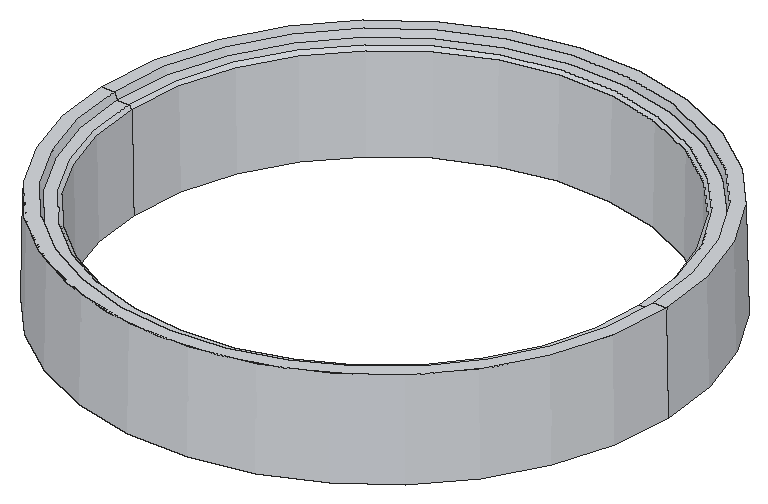
Revit family "Кольцо 1500х310 с замком КС 15.3", category Обобщенные модели, Revit 2023
Family settings
  Может служить основой для арматурных стержней = Нет
  Размер круглого соединителя = Использовать диаметр
  Тип детали = Нормальный
  На основе рабочей плоскости = Нет
  Всегда вертикально = Да
  При загрузке вырезать с полостями = Нет
  Сохранять ориентацию аннотаций = Нет
  Общий = Нет
  Точка принадлежности помещению = Нет
Parameters (values of type "Кольцо 1500х310 с замком КС 15.3")
  фаска = 10 mm
  толщ_на_h2_расч = (t1 - t2) / 2 * (h1 + h2) / ADSK_Размер_Высота + 10 mm  # 20.887 mm
  толщ_на_h1_расч = (t1 - t2) / 2 * h1 / ADSK_Размер_Высота + 10 mm  # 15.968 mm
  сужение_низ = 5 mm
  отступ_низ = 36 mm
  отступ_верх = 38.5 mm
  выступ = 20 mm
  вырез2 = no
  вырез1 = no
  Отметка по умолчанию = 0 mm
  t2 = 90 mm
  t1 = 100 mm
  h2 = 305 mm
  h1 = 370 mm
  d1 = 20 mm * tan(20.00°)  # 7.279 mm
  ADSK_Размер_Диаметр = 1500 mm
  ADSK_Размер_Высота = 310 mm
  ADSK_Масса = 347
Reference planes
  plane 1 "По центру (Вперед/Назад)": y = 0
  plane 2: z = 0
  plane 3 "По центру (Влево/Вправо)": x = 0
  plane 4: x = 750
  plane 5: x = -750
  plane 6: y = 750
  plane 7: y = -750
  plane 8: z = 290
  plane 9: z = 310
  plane 10: z = 20
  plane 11: x = -845
  plane 12: x = 845
  plane 13: y = 845
  plane 14: y = -845
  plane 15: y = 840
  plane 16: y = -840
  plane 17: x = -840
  plane 18: x = 840
  plane 19: x = 786
  plane 20: x = 801.5
  plane 21: x = 794.221
  plane 22: x = 793.279
  plane 23: z = 280
  plane 24: x = 760
  plane 25: z = 370
  plane 26: z = 675
  plane 27: y = 745
  plane 28: y = -745
  plane 29: x = -745
  plane 30: x = 745
  plane 31: x = -824.113
  plane 32: x = -829.032
  plane 33: x = 824.113
  plane 34: x = 829.032
Forms (mm)
  Revolve 1, solid
    sketch origin (0, 0, 0) x (1, 0, 0) y (0, 0, 1)
      loop
        line (750, 280) -> (745, 0) -> (786, 0) -> (793.279, 20) -> (845, 20) -> (840, 310) -> (801.5, 310) -> (794.221, 290) -> (760, 290) -> (750, 280)
      axis (0, 0) -> (0, 310)
    angle from 0 to 360
Dimensions and locks
  equal spacing: plane 5, plane 3 "По центру (Влево/Вправо)", plane 4
  equal spacing: plane 7, plane 1 "По центру (Вперед/Назад)", plane 6
  "ADSK_Размер_Диаметр": plane 5 to plane 4
  "ADSK_Размер_Диаметр": plane 7 to plane 6
  "выступ": plane 9 to plane 8
  "выступ": plane 10 to level
  "t1": plane 11 to plane 29
  "t1": plane 30 to plane 12
  "t2": plane 6 to plane 15
  "t2": plane 16 to plane 7
  "t2": plane 17 to plane 5
  "t2": plane 4 to plane 18
  "отступ_низ": plane 19 to plane 4
  "отступ_верх": plane 18 to plane 20
  "d1": plane 20 to plane 21
  "d1": plane 22 to plane 19
  "фаска": plane 8 to plane 23
  "фаска": plane 24 to plane 4
  "h1": plane 25 to level
  "h2": plane 26 to plane 25
  "ADSK_Размер_Высота": plane 9 to level
  "сужение_низ": plane 5 to plane 29
  "сужение_низ": plane 30 to plane 4
  "сужение_низ": plane 27 to plane 6
  "сужение_низ": plane 7 to plane 28
  "t1": plane 14 to plane 28
  "t1": plane 27 to plane 13
  "толщ_на_h2_расч": plane 31 to plane 11
  "толщ_на_h1_расч": plane 32 to plane 11
  "толщ_на_h2_расч": plane 12 to plane 33
  "толщ_на_h1_расч": plane 12 to plane 34
  aligned and locked: level to plane 2
  aligned and locked: Revolve 1 sketch curve to plane 8
  aligned and locked: Revolve 1 sketch curve to plane 9
  aligned and locked: plane 10 to Revolve 1 sketch curve
  aligned and locked: Revolve 1 sketch curve to level
Automatic sketch dimensions
  Revolve 1 sketch curve to level = 0 mm
  Revolve 1 sketch curve to plane 3 "По центру (Влево/Вправо)" = 0 mm
  Revolve 1 sketch curve to plane 30 = 0 mm
  Revolve 1 sketch curve to plane 4 = 0 mm
  Revolve 1 sketch curve to plane 24 = 0 mm
  Revolve 1 sketch curve to plane 19 = 0 mm
  Revolve 1 sketch curve to plane 22 = 0 mm
  Revolve 1 sketch curve to plane 21 = 0 mm
  Revolve 1 sketch curve to plane 20 = 0 mm
  Revolve 1 sketch curve to plane 18 = 0 mm
  Revolve 1 sketch curve to plane 12 = 0 mm
  Revolve 1 sketch curve to plane 23 = 0 mm
  Revolve 1 sketch curve to plane 9 = 0 mm
